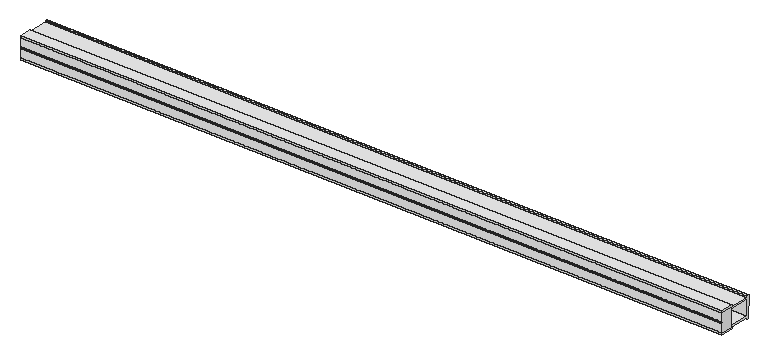
Revit family "4070762+4070746 Feilo Sylvania Lighting Fixture CURSUS 1161MM 770LM WIDE LED 4K with CONTINUOUS WALL HOUSING", category Lighting Fixtures, host Face, Revit 2017
Family settings
  Host = Face
  Round Connector Dimension = Use Diameter
  Part Type = Normal
  OmniClass Number = 23.80.70.14
  OmniClass Title = Luminaries for External Lighting
  Cut with Voids When Loaded = Yes
  Light Source = Yes
  Shared = Yes
  Room Calculation Point = No
Parameters (values of type "4070762 CURSUS 1161MM 770LM WIDE LED 4K")
  Width_FEILO = 35 mm
  Weight = "2.2 kg"
  Wattage Comments = "n/a"
  Wattage = 18 W
  WarrantyStartDate [instance] = "n/a"
  WarrantyGuarantorParts = "n/a"
  WarrantyDurationUnit = "n/a"
  WarrantyDurationParts = "n/a"
  WarrantyDescription = "n/a"
  WallThickness_FEILO = 2.5 mm
  built-in parameter 1150110 = 1 (stored number, unit not read)
  Voltage = 230 V
  URL = "http://www.sylvania-lighting.com"
  TypeName = "CURSUS 1161MM 770LM WIDE LED 4K"
  Type Image = <None>
  Type Comments = "n/a"
  built-in parameter 1114217 = 1 (stored number, unit not read)
  Tilt Angle = -90.00°
  built-in parameter 1150109 = 1 (stored number, unit not read)
  built-in parameter 1150134 = 12
  built-in parameter 1150113 = 1 (stored number, unit not read)
  SerialNumber [instance] = "n/a"
  ReflectorMaterial = none
  PowerFactor = 0
  PowerConsumption = "18 W"
  Photometric Web File = "4070762.ies"
  NominalLength = 1161 mm
  NominalHeight = 50 mm
  NominalDepth = 30 mm
  Name = "CURSUS 1161MM 770LM WIDE LED 4K"
  ModelReference = Name  # "CURSUS 1161MM 770LM WIDE LED 4K"
  ModelNumber = "4070762"
  Model = Name  # "CURSUS 1161MM 770LM WIDE LED 4K"
  Material = "natural anodised extruded aluminium structure housing"
  ManufacturerName = "Feilo Sylvania"
  Manufacturer = "Feilo Sylvania"
  LuminousEfficacy = "42.77 lm/W"
  built-in parameter 1150105 = 424.94 (stored number, unit not read)
  Lumens = 770 lm
  LuminaireType = ""
  built-in parameter 1150115 = 1 (stored number, unit not read)
  LightOutputRatio = "100"
  built-in parameter 1150137 = (empty or 0)
  built-in parameter 1150139 = (empty or 0)
  Length_FEILO = 1167 mm
  LampsType = Lamp  # "LED"
  LampNominalLuminous = "770 lm"
  LampMacAdamStep = "n/a"
  LampColourTemperature = "4000 K"
  LampColourRenderingIndex = "80"
  built-in parameter 1150112 = 1 (stored number, unit not read)
  built-in parameter 1150114 = 1 (stored number, unit not read)
  Lamp = "LED"
  Keynote = "16500"
  InstallationDate [instance] = "n/a"
  InputVoltage = "220-240V~"
  InputNominalFrequency = "n/a"
  built-in parameter 1150132 = (empty or 0)
  built-in parameter 1150102 = (empty or 0)
  built-in parameter 1150107 = 4000 (stored number, unit not read)
  built-in parameter 1150138 = (empty or 0)
  IngressProtection = "IP67"
  ImpactProtectionIndex = "IK07"
  built-in parameter 1150106 = 4.2494 (stored number, unit not read)
  IfcExportType = "IfcLightFixtureType"
  IfcExportAs = "IfcLightFixtureType"
  ExpectedLife = 50000
  EndCapRight [instance] = no
  EndCapLeft [instance] = no
  Emit from Rectangle Width = Width_FEILO - WallThickness_FEILO * 2  # 30 mm
  Emit from Rectangle Length = Length_FEILO - WallThickness_FEILO * 2  # 1162 mm
  Emit Shape Visible in Rendering = no
  ElectricShockClassification = "Class III"
  built-in parameter 1150104 = 3.9742 (stored number, unit not read)
  DurationUnit = "hours"
  DocumentationLiterature = "http://www.sylvania-lighting.com/product/en-int/products/4070762"
  DimmingControlOptions = "n/a"
  Dimming Lamp Color Temperature Shift = <None>
  DiffuserMaterial = Diffuser-Sylvania-Glow
  Description = "LED Exterior Lighting Recessed Surface Mounted Linear Fixture, Natural anodised extruded aluminium structure. Die-cast aluminium end caps. Installation kit with harmonic steel springs., 770 lm, 18W,  42lm/W, 4000K, CRI80+,non dimmable,IP67, IK07, (HxWxD) 1161x50x30mm, 3 step Mac Adam Ellipse, 2.2kg,, Classe III, 21-25V-DC, energy class : A++, A+, A"
  Default Elevation = 1219.2 mm
  CreatedOn = "1/8/2018"
  CreatedBy = ""
  Cost = 0
  Color Filter = 16777215
  built-in parameter 1114216 [instance] = (empty or 0)
  ClassificationValue = "EF_70_80"
  ClassificationName = "Uniclass2015"
  BodyMaterial = Body-Sylvania-Gray
  BarCode [instance] = "n/a"
  built-in parameter 1114218 = 1 (stored number, unit not read)
  built-in parameter 1150133 = 10 (stored number, unit not read)
  AssetType = "Fixed"
  AssetIdentifier [instance] = "n/a"
  Assembly Code = "D5020200"
  Apparent Load = 18 VA
  AccessoryMaterial = Diffuser-Sylvania-Glow
Reference planes
  plane 1 "Center (Front/Back)": y = 0
  plane 2: z = 0
  plane 3 "Center (Left/Right)": x = 0
  plane 4: x = 583.5
  plane 5: x = -583.5
  plane 6: x = -581
  plane 7: x = 581
  plane 8: z = 35
  plane 9: z = 17.5
  plane 10: z = 32.5
  plane 11: z = 2.5
  plane 12: z = 30
  plane 13: z = 5
  plane 14: y = -55
  plane 15: y = -53
  plane 16: y = -2.5
  plane 17: y = -37
  plane 18: y = -34.5
Forms (mm)
  Extrusion 1, solid, material "Body-Sylvania-Gray" <- "BodyMaterial"
    sketch origin (0, 0, 0) x (0, 1, 0) y (0, 0, 1)
      loop
        line (0, 35) -> (-2.5, 35) -> (-2.5, 32.5) -> (-34.5, 32.5) -> (-34.5, 35) -> (-55, 35) -> (-55, 32.5) -> (-37, 32.5) -> (-37, 30) -> (-2.5, 30) -> (-2.5, 5) -> (-37, 5) -> (-37, 2.5) -> (-55, 2.5) -> (-55, 0) -> (-34.5, 0) -> (-34.5, 2.5) -> (-2.5, 2.5) -> (-2.5, 0) -> (0, 0) -> (0, 35)
    from -581 to 581
  Extrusion 2, solid, material "Diffuser-Sylvania-Glow" <- "DiffuserMaterial"
    sketch origin (0, 0, 0) x (0, 1, 0) y (0, 0, 1)
      loop
        line (-37, 32.5) -> (-55, 32.5) -> (-55, 19.5) -> (-53, 17.5) -> (-55, 15.5) -> (-55, 2.5) -> (-37, 2.5) -> (-37, 32.5)
    from -581 to 581
  Extrusion 3, solid, material "Body-Sylvania-Gray" <- "BodyMaterial", visible <- "EndCapRight"
    sketch origin (581, 1524, 1219.2) x (0, 1, 0) y (0, 0, 1)
      loop
        line (-1579, -1184.2) -> (-1579, -1219.2) -> (-1524, -1219.2) -> (-1524, -1184.2) -> (-1579, -1184.2)
    from 0 to 2.5
  Extrusion 4, solid, material "Body-Sylvania-Gray" <- "BodyMaterial", visible <- "EndCapLeft"
    sketch origin (-581, 1524, 1219.2) x (0, 1, 0) y (0, 0, 1)
      loop
        line (-1579, -1184.2) -> (-1579, -1219.2) -> (-1524, -1219.2) -> (-1524, -1184.2) -> (-1579, -1184.2)
    from -2.5 to 0
Dimensions and locks
  equal spacing: plane 5, plane 3 "Center (Left/Right)", plane 4
  "Length_FEILO": plane 5 to plane 4
  equal spacing: plane 6, plane 3 "Center (Left/Right)", plane 7
  "WallThickness_FEILO": plane 5 to plane 6
  locked: plane 9 to plane 2 at 17.5
  locked: plane 8 to plane 2 at 35
  equal spacing: plane 11, plane 9, plane 10
  equal spacing: plane 13, plane 9, plane 12
  "WallThickness_FEILO": plane 12 to plane 10
  locked: plane 14 to plane 15 at 2
  locked: plane 14 to plane 17 at 18
  "WallThickness_FEILO": plane 17 to plane 18
  "WallThickness_FEILO": plane 16 to plane 1 "Center (Front/Back)"
  locked: plane 15 to Extrusion 2 sketch curve (angle 45.00°)
  locked: Extrusion 2 sketch curve to plane 15 (angle 45.00°)
  aligned and locked: plane 2 to host face
  aligned and locked: level to host face
  aligned and locked: plane 1 "Center (Front/Back)" to Extrusion 1 sketch curve
  aligned and locked: Extrusion 1 sketch curve to plane 8  (x2)
  aligned and locked: plane 16 to Extrusion 1 sketch curve
  aligned and locked: host face to Extrusion 1 sketch curve
  aligned and locked: Extrusion 1 sketch curve to plane 16  (x2)
  aligned and locked: Extrusion 1 sketch curve to plane 11
  aligned and locked: plane 18 to Extrusion 1 sketch curve
  aligned and locked: level to Extrusion 1 sketch curve
  aligned and locked: plane 11 to Extrusion 1 sketch curve
  aligned and locked: Extrusion 1 sketch curve to plane 17
  aligned and locked: plane 13 to Extrusion 1 sketch curve
  aligned and locked: Extrusion 1 sketch curve to plane 12
  aligned and locked: plane 10 to Extrusion 1 sketch curve  (x2)
  aligned and locked: plane 17 to Extrusion 1 sketch curve  (x2)
  aligned and locked: plane 12 to Extrusion 1 sketch curve
  aligned and locked: Extrusion 1 sketch curve to plane 10
  aligned and locked: Extrusion 1 sketch curve to plane 18
  aligned and locked: plane 7 to Extrusion 1
  aligned and locked: Extrusion 1 to plane 6
  aligned and locked: Extrusion 2 sketch curve to Extrusion 1  (x4)
  aligned and locked: Extrusion 1 to Extrusion 2 sketch curve
  aligned and locked: plane 9 to Extrusion 2 sketch curve
  aligned and locked: plane 7 to Extrusion 2
  aligned and locked: Extrusion 2 to plane 6
  aligned and locked: Extrusion 3 sketch curve to Extrusion 1  (x4)
  aligned and locked: plane 4 to Extrusion 3
  aligned and locked: Extrusion 3 to plane 7
  aligned and locked: Extrusion 4 sketch curve to Extrusion 3  (x3)
  aligned and locked: Extrusion 4 sketch curve to Extrusion 1
  aligned and locked: Extrusion 4 to plane 5
  aligned and locked: plane 6 to Extrusion 4
  aligned and locked: plane 14 to imposter light
  aligned and locked: imposter light to plane 9
  aligned and locked: plane 3 "Center (Left/Right)" to imposter light
Automatic sketch dimensions
  host sketch curve to host sketch curve = 2438.4 mm  (x2)
  Extrusion 1 sketch curve to plane 14 = 0 mm  (x2)
  Extrusion 2 sketch curve to plane 15 = 0 mm
Connectors
  electrical at (0, 0, 0), driven by "Apparent Load", driven by "PowerFactor", driven by "Voltage"
    settings: index 1, voltage 230 V, apparent load 18 VA, apparent load phase1 0 VA, apparent load phase2 0 VA, apparent load phase3 0 VA, power factor 0, load classification "Lighting", number of poles 1, system type 30, power factor state 1, is connector primary yes, connector utility no, sub classification motor no, connector description ""
